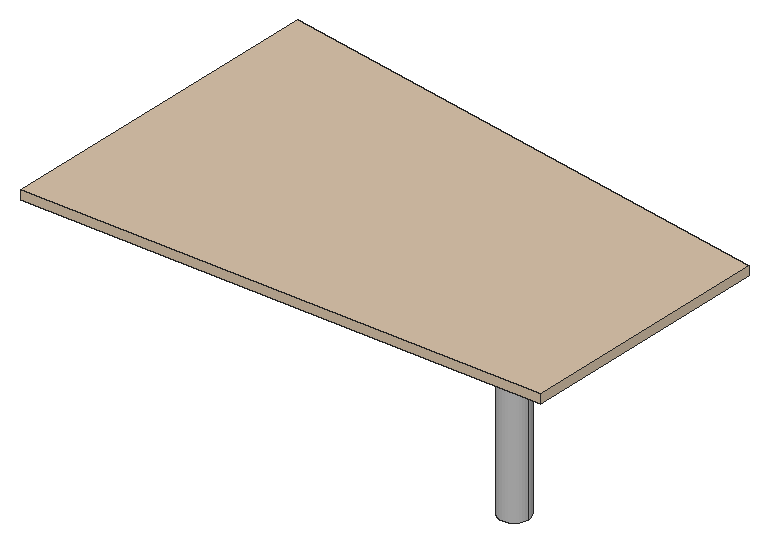
Revit family "Haworth_Masters_Desk_KeystoneHalf", category Furniture Systems, Revit 2018
Family settings
  Round Connector Dimension = Use Diameter
  Part Type = Normal
  OmniClass Number = 23.40.70.14.64.21
  OmniClass Title = Systems Furniture
  Work Plane-Based = No
  Always vertical = Yes
  Cut with Voids When Loaded = No
  Shared = No
  Room Calculation Point = No
Parameters (values of type "48d 72w")
  Worksurface Finish = Haworth _ Wood _ White Oak
  Warranty = "http://www.haworth.com/resources/product-info/warranties"
  URL - Product = "http://www.haworth.com/products/desks/freestanding/masters-series"
  Support Position Right = 19"  # constant formula
  Post Position = 18"  # constant formula
  Support Position = 13"  # constant formula
  Stanchions = yes
  Sustainability Info = "http://www.haworth.com/company-info/sustainablility"
  Support Height = 22 3/4"  # constant formula
  Post Finish = Haworth _ Paint _ Metallic Champagne
  Model = "Haworth - Masters Desk - Keystone - Half"  # constant formula
  Width = 72"
  URL = "www.haworth.com"
  Size = "Verify Final Dim. w/ Haworth"  # constant formula
  Revision Number = "2"  # constant formula
  Min. Width = 60"  # constant formula
  Min. Depth = 42"  # constant formula
  Max. Width = 72"  # constant formula
  Max. Depth = 48"  # constant formula
  Manufacturer = "Haworth"  # constant formula
  Edge Finish = Haworth _ Wood _ White Oak
  Description = "Haworth - Masters Desk - Keystone - Half"  # constant formula
  Depth Small Offset = 12"  # constant formula
  Depth Large = 48"
  Custom Size = not(or(and(Width = 72", Depth Large = 48"), and(Width = 66", Depth Large = 45"), and(Width = 60", Depth Large = 42")))  # no
  Column Support = yes
  Author = "Haworth (Hampton)"  # constant formula
  Assembly Code = "E2020200"
  Actual Width = if(Width < Min. Width, Min. Width, if(Width > Max. Width, Max. Width, Width))  # 72"
  Actual Height = 29 1/8"  # constant formula
  Standard Sizes = "42x60, 45x66, 48x72 in."  # constant formula
  Actual Depth Large = if(Depth Large < Min. Depth, Min. Depth, if(Depth Large > Max. Depth, Max. Depth, Depth Large))  # 48"
Types (3): name | Width | Depth Large | Actual Width | Actual Depth Large
  48d 72w | 72" | 48" | 72" | 48"
  45d 66w | 66" | 45" | 66" | 45"
  42d 60w | 60" | 42" | 60" | 42"
Reference planes (in)
  plane 1 "Back": y = -10
  plane 2: z = 0
  plane 3 "Center": x = 29.0625
  plane 4 "Top": z = 29.125
  plane 5 "Bottom of Top": z = 27.875
  plane 6 "Front": y = -58
  plane 7 "Left Side": x = -6.9375
  plane 8 "Right Side": x = 65.0625
  plane 9 "One High Bottom": z = 22.75
  plane 10 "Stanchion Position Front": y = -45
  plane 11 "Stanchion Position Right": x = 6.0625
  plane 12 "Post Position Left": x = 47.0625
  plane 13 "Post Position": y = -40
  plane 14 "Stanchion Position Back": y = -26
  plane 15 "Depth Small": y = -22
Forms (in)
  Extrusion 1, solid, material "Haworth _ Wood _ White Oak" <- "Worksurface Finish"
    sketch origin (0, 0, 0) x (1, 0, 0) y (0, 1, 0)
      loop
        line (-6.9375, -10) -> (-6.9375, -58) -> (65.0625, -58) -> (65.0625, -22) -> (-6.9375, -10)
    from 27.875 to 29.125
  Extrusion 2, solid, material "Haworth _ Paint _ Metallic Champagne" <- "Post Finish", visible <- "Stanchions"
    sketch origin (0, 0, 0) x (1, 0, 0) y (0, 1, 0)
      loop
        circle (6.0625, -45) r 2.125
    from 22.75 to 27.875
  Extrusion 3, solid, material "Haworth _ Paint _ Metallic Champagne" <- "Post Finish", visible <- "Stanchions"
    sketch origin (0, 19, 0) x (1, 0, 0) y (0, 1, 0)
      loop
        circle (6.0625, -45) r 2.125
    from 22.75 to 27.875
Lines and regions (in)
  Masking region 1
    outline origin (0, 0, 0) x (1, 0, 0) y (0, 1, 0)
      loop
        line (-6.9375, -10) -> (-6.9375, -58) -> (65.0625, -58) -> (65.0625, -22) -> (-6.9375, -10)
  symbolic lines, style "Haworth Hidden", visible <- "Stanchions", detail levels fine
    curve 1: circle (6.0625, -26, 0) r 2.125 normal (0, 0, 1)
    curve 2: circle (6.0625, -45, 0) r 2.125 normal (0, 0, 1)
Dimensions and locks (in)
  "Actual Height": plane 4 "Top" to level
  "Actual Depth Large": plane 1 "Back" to plane 6 "Front"
  equal spacing: plane 7 "Left Side", plane 3 "Center", plane 8 "Right Side"
  "Actual Width": plane 7 "Left Side" to plane 8 "Right Side"
  locked: plane 4 "Top" to plane 5 "Bottom of Top" at 1.25
  "Support Height": plane 9 "One High Bottom" to level
  "Support Position": plane 10 "Stanchion Position Front" to plane 6 "Front"
  "Post Position": plane 12 "Post Position Left" to plane 8 "Right Side"
  "Post Position": plane 13 "Post Position" to plane 6 "Front"
  "Support Position Right": plane 14 "Stanchion Position Back" to plane 10 "Stanchion Position Front"
  "Support Position": plane 7 "Left Side" to plane 11 "Stanchion Position Right"
  "Depth Small Offset": plane 15 "Depth Small" to plane 1 "Back"
  aligned and locked: level to plane 2
  aligned and locked: plane 12 "Post Position Left" to nested 1
  aligned and locked: nested 1 to plane 13 "Post Position"
  aligned and locked: Extrusion 1 to plane 4 "Top"
  aligned and locked: Extrusion 1 to plane 5 "Bottom of Top"
  aligned and locked: plane 5 "Bottom of Top" to Extrusion 2
  aligned and locked: Extrusion 2 to plane 9 "One High Bottom"
Automatic sketch dimensions
  Extrusion 1 sketch curve to plane 6 "Front" = 0"
  Extrusion 1 sketch curve to plane 7 "Left Side" = 0"
  Extrusion 1 sketch curve to plane 8 "Right Side" = 0"
  Extrusion 1 sketch curve to plane 15 "Depth Small" = 0"
  plane 1 "Back" to Extrusion 1 sketch curve = 0"
  Masking region 1 sketch curve to plane 6 "Front" = 0"
  Masking region 1 sketch curve to plane 7 "Left Side" = 0"
  Masking region 1 sketch curve to plane 8 "Right Side" = 0"
  Masking region 1 sketch curve to plane 15 "Depth Small" = 0"
  plane 1 "Back" to Masking region 1 sketch curve = 0"
  Extrusion 2 sketch curve to plane 10 "Stanchion Position Front" = 0"
  Extrusion 2 sketch curve to plane 11 "Stanchion Position Right" = 0"
  Extrusion 3 sketch curve to plane 11 "Stanchion Position Right" = 0"
  plane 14 "Stanchion Position Back" to Extrusion 3 sketch curve = 0"
  curve 2 to plane 10 "Stanchion Position Front" = 0"
  curve 2 to plane 11 "Stanchion Position Right" = 0"
  curve 1 to plane 11 "Stanchion Position Right" = 0"
  plane 14 "Stanchion Position Back" to curve 1 = 0"
  radius of Extrusion 2 sketch curve = 2 1/8"
  radius of Extrusion 3 sketch curve = 2 1/8"
  radius of curve 1 = 2 1/8"
  radius of curve 2 = 2 1/8"
Nested families (in)
  nested 1: "Haworth_Masters-Post_Support" at (47.0625, -45.5, 0), visible <- "Column Support", type "Base"
Definition of nested family "Haworth_Masters-Post_Support"
  Parameters
    Warranty = ""
    URL - Product = ""
    URL = "www.haworth.com"
    OmniClass Number = ""
    Material Options = ""
    Leg Height = 27 7/8"
    Post Finish = none
    Sustainability Info = ""
    Size = "Verify Final Dim. w/ Haworth"  # constant formula
    Revision Number = "1"
    Manufacturer = "Haworth"  # constant formula
    LEED Data = ""
    Author = "Haworth (Hampton)"  # constant formula
    Assembly Code = ""
  Reference planes (in)
    plane 1 "Center F/B": y = 5.5
    plane 2: z = 0
    plane 3 "Center L/R": x = 0
    plane 4 "Table Bottom": z = 27.875
  Forms (in)
    Revolve 1, solid, material <- "Post Finish"
      sketch origin (0, 5.5, 0) x (1, 0, 0) y (0, 0, 1)
        loop
          line (-2.25, 27.875) -> (-2.25, 21.9775) -> (-2.21, 21.9375) -> (-2, 21.9375) -> (-2, 0) -> (0, 0) -> (0, 27.875) -> (-2.25, 27.875)
        axis (0, 27.875) -> (0, 0)
      angle from 0 to 360
  Lines and regions (in)
    symbolic lines, detail levels fine
      curve 1: circle (0, 5.5, 0) r 2 normal (0, 0, 1)
      curve 2: circle (0, 5.5, 0) r 2 normal (0, 0, 1)
  Dimensions and locks (in)
    "Leg Height": plane 4 "Table Bottom" to level
  Automatic sketch dimensions
    curve 1 to curve 2 = 0"  (x2)
    plane 1 "Center F/B" to curve 1 = 0"
    curve 1 to plane 3 "Center L/R" = 0"
    Revolve 1 sketch curve to plane 4 "Table Bottom" = 0"
    Revolve 1 sketch curve to level = 0"
    Revolve 1 sketch curve to plane 3 "Center L/R" = 0"  (x2)
    Revolve 1 sketch curve to plane 3 "Center L/R" = 2"
    Revolve 1 sketch curve to Revolve 1 sketch curve = 0.21"
    Revolve 1 sketch curve to Revolve 1 sketch curve = 2 1/4"
    Revolve 1 sketch curve to level = 11 7/16"
    Revolve 1 sketch curve to plane 4 "Table Bottom" = 5 15/16"
    Revolve 1 sketch curve to Revolve 1 sketch curve = 0.04"
    Revolve 1 sketch curve to Revolve 1 sketch curve = 2 3/4"
    radius of curve 1 = 2"
    radius of curve 2 = 2"
